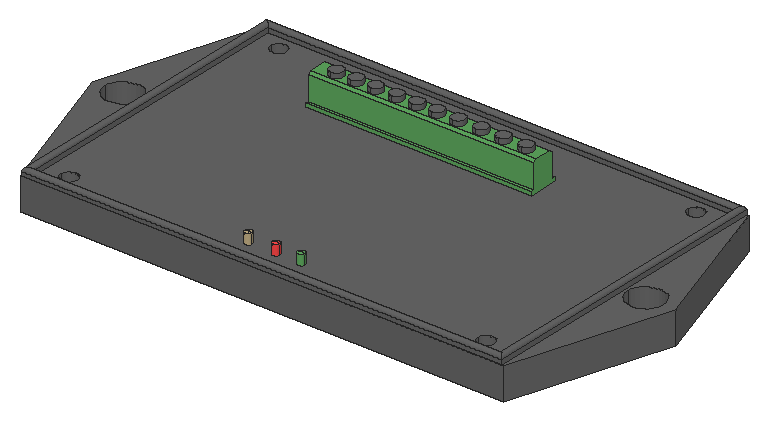
Revit family "WIR-LVM", category Communication Devices, host Face, Revit 2014
Parameters
  Yellow = Bamboo
  Warranty = "5-Years Warranty"  # constant formula
  Voltage = "12VDC to 24VDC"
  Type Comments = "wiSCAPE® Wireless Low Voltage Module"  # constant formula
  Secondary Output = "1 Digital (supply voltage (12-24V) – max: 20mA) or sink to ground (0V)"  # constant formula
  Red = Paint - Hubbell - Red
  Radio Coverage = "Up to ~1,000 ft. (~300m) Note: Antenna must be mounted vertically up or down. Range based on clear line of site.\r\nRecommended deployment practices: Locate wireless devices within a 300 foot radius of the next wireless device for\r\nmost reliable performance"
  Product Page URL = "https://www.hubbell.com/hubbellcontrolsolutions/en/Products/Lighting-Controls/Lighting-Controls-Sensors/wiSCAPE-Lighting-Controls/wiSCAPE-Wireless-Low-Voltage-Module/p/2832430"
  Product Documentation Link = "https://hubbellcdn.com/specsheet/wiSCAPE_Low-Voltage-Module_Spec%20Sheet.pdf"
  URL = "https://www.hubbell.com/hubbellcontrolsolutions/en"
  Model = "WIR-LVM-IO"  # constant formula
  Manufacturer = "Hubbell Control Solutions"  # constant formula
  Inputs = "3 Digital: e.g. Motion sensor and switch top/bottom buttons (0-30V) + 1 Analog (0-30V)"  # constant formula
  Green = Plastic, Gray
  Feartures = "3 Digital inputs / 1 analog input for low-voltage switch, motion and\r\nphoto sensors\r\n• Universal dimmer 1-10V (sink/source) for all types of ballasts & drivers\r\n• 1 Secondary dry contact output for driving external loads\r\n• Bi-directional long range wireless RF Mesh communications\r\n• Integration with wiSCAPE software\r\n• Multi-level grouping and multiple scenarios\r\n• Adjustable minimum and maximum dimming levels\r\n• Programmable state after blackout, with peak shaving options\r\n• Blink warning and override before scheduled lights off\r\n• Both locally and remotely controllable with status and metering reporting\r\n• Smart daylight harvesting and motion sensing functions, with occupied\r\nand unoccupied levels including a lamp saver function\r\n• Manual-ON/Auto-OFF, Auto-ON/Auto-OFF and grace period compliant\r"  # constant formula
  Description = "Hubbell Control Solutions' wiSCAPE® Low Voltage Module is a bi-directional wireless RF device that enables solar (photovoltaic) and battery powered devicesto be managed, monitored and metered. The module adds intelligent functions and networkability to any low-voltage motion sensors, display/text banners and other types of sensors. The module can switch loads up to 1 Amp and features short circuit protection and open load detection. The adaptable sink and source 0-10V output is compatible with all dimming drivers. Digital inputs and an analog output make sending and receiving signals from additional controldevices simple and easy."  # constant formula
  Default Elevation = 48.00"
  Copyright = "Copyright © 2021 Hubbell Control Solutions"  # constant formula
  Contact Us = "https://www.hubbell.com/hubbellcontrolsolutions/en/contactUs"
  Housing Material = Paint - Hubbell - Carbon Black
  Certifications = "UL: E48166\r\n2.4GHz Version - FCC: U.S. FCC Part 15.247 Class A: OUR-XBEE / OUR-XBEE PRO, Canada IC: 4214A-XBEE / 4214A-XBEE\r\nPRO, Europe CE: ETSI / ETSI\r\n900MHz Version - FCC: U.S. FCC Part 15.247 Class A: MCQ-XB900HP\r\nUL94V-0 Flame retardant ABS or epoxy molding"
  Assembly Code = "D5090"
Reference planes (in)
  plane 1 "Center (Front/Back)": y = 11.68155
  plane 2: z = 0
  plane 3 "Center (Left/Right)": x = 0
  plane 4: z = 3.72
  plane 5: x = -2.38
  plane 6: x = 2.38
  plane 7: y = 13.01155
  plane 8: y = 10.35155
Forms (in)
  Extrusion 1, solid, material "Paint - Hubbell - Carbon Black" <- "Housing Material"
    sketch origin (0, 0, 0) x (1, 0, 0) y (0, 1, 0)
      loop
        line (2.17688, 10.35155) -> (2.60902, 11.68155) -> (2.17809, 13.0078) -> (-2.02184, 13.0078) -> (-2.45277, 11.68155) -> (-2.02062, 10.35155) -> (2.17688, 10.35155)
      loop
        circle (-2.1925, 11.68155) r 0.15741
      loop
        circle (2.34875, 11.68155) r 0.15741
    from -0.1 to 0.18116
  Extrusion 2, solid, material "Plastic, Gray" <- "Green"
    sketch origin (-0.07787, 10.63442, -0.31884) x (0, 1, 0) y (0, 0, 1)
      loop
        line (1.92397, 0.5) -> (1.92397, 0.531) -> (1.89297, 0.531) -> (1.89297, 0.7386) -> (1.87105, 0.76052) -> (1.72322, 0.76052) -> (1.7013, 0.7386) -> (1.7013, 0.531) -> (1.6703, 0.531) -> (1.6703, 0.5) -> (1.92397, 0.5)
    from -1.02506 to 0.93415
  Extrusion 3, solid, material "Paint - Hubbell - Carbon Black" <- "Housing Material"
    sketch origin (11.60369, 10.63442, -0.30156) x (0, 1, 0) y (-1, 0, 0)
      loop
        circle (1.79399, 12.53921) r 0.05666
      loop
        circle (1.79399, 12.36779) r 0.05666
      loop
        circle (1.79399, 12.19637) r 0.05666
      loop
        circle (1.79399, 12.01638) r 0.05666
      loop
        circle (1.79399, 11.83925) r 0.05666
      loop
        circle (1.79399, 11.66498) r 0.05666
      loop
        circle (1.79399, 11.47928) r 0.05666
      loop
        circle (1.79399, 11.28214) r 0.05666
      loop
        circle (1.79399, 11.08787) r 0.05666
      loop
        circle (1.79399, 10.88788) r 0.05666
    from 0.74323 to 0.78
  Sweep 4, solid, material "Paint - Hubbell - Carbon Black" <- "Housing Material"
    path origin (0, 0, 0) x (1, 0, 0) y (0, 1, 0)
      loop
        line (-2.01149, 13.01155) -> (-2.01149, 10.35155) -> (2.16494, 10.35155) -> (2.16494, 13.01155) -> (-2.01149, 13.01155)
    profile origin (0.07672, 13.01155, 0) x (0, 1, 0) y (0, 0, 1)
      loop
        line (-0.00375, 0.18116) -> (-0.00375, 0.21775)
        arc (-0.00375, 0.21775) -> (-0.03187, 0.24587) -> (-0.06, 0.21775) r 0.02812
        line (-0.06, 0.21775) -> (-0.06, 0.18116) -> (-0.00375, 0.18116)
  Extrusion 5, void
    sketch origin (0, 0, 0) x (1, 0, 0) y (0, 1, 0)
      loop
        circle (-1.74865, 12.81926) r 0.0711
      loop
        circle (1.87365, 12.81926) r 0.0711
      loop
        circle (-1.74865, 10.54385) r 0.0711
      loop
        circle (1.87365, 10.54385) r 0.0711
    from -0.1 to 0.5
  Revolve 6, solid, material "Bamboo" <- "Yellow"
    sketch origin (1.07588, 10.59868, 0) x (1, 0, 0) y (0, 0, 1)
      loop
        line (-1.31431, 0.18116) -> (-1.28331, 0.18116) -> (-1.28331, 0.26294)
        arc (-1.28331, 0.26294) -> (-1.29859, 0.26705) -> (-1.31431, 0.2688) r 0.10399
        line (-1.31431, 0.2688) -> (-1.31431, 0.18116)
      axis (-1.31431, 0.2688) -> (-1.31431, 0.18116)
    angle from 0 to 360
  Revolve 7, solid, material "Paint - Hubbell - Red" <- "Red"
    sketch origin (1.31753, 10.59868, 0) x (1, 0, 0) y (0, 0, 1)
      loop
        line (-1.31431, 0.18116) -> (-1.28331, 0.18116) -> (-1.28331, 0.26294)
        arc (-1.28331, 0.26294) -> (-1.29859, 0.26705) -> (-1.31431, 0.2688) r 0.10399
        line (-1.31431, 0.2688) -> (-1.31431, 0.18116)
      axis (-1.31431, 0.2688) -> (-1.31431, 0.18116)
    angle from 0 to 360
  Revolve 8, solid, material "Plastic, Gray" <- "Green"
    sketch origin (1.53628, 10.59868, 0) x (1, 0, 0) y (0, 0, 1)
      loop
        line (-1.31431, 0.18116) -> (-1.28331, 0.18116) -> (-1.28331, 0.26294)
        arc (-1.28331, 0.26294) -> (-1.29859, 0.26705) -> (-1.31431, 0.2688) r 0.10399
        line (-1.31431, 0.2688) -> (-1.31431, 0.18116)
      axis (-1.31431, 0.2688) -> (-1.31431, 0.18116)
    angle from 0 to 360
Cuts and joins
  Extrusion 5 cuts Extrusion 1
Dimensions and locks (in)
  plane 4 to plane 2 = 3.72"
  aligned and locked: plane 2 to host face
  aligned and locked: level to host face
Connectors (in)
  electrical at (0.07813, 11.6803, -0.1)
    settings: on Extrusion 1, index 1, voltage 0 V, apparent load 0 VA, apparent load phase1 0 VA, apparent load phase2 0 VA, apparent load phase3 0 VA, power factor 1, load classification "Other", number of poles 1, system type 14, power factor state 1, is connector primary yes, connector utility no, sub classification motor no, connector description "Wireless Low Voltage Module"
